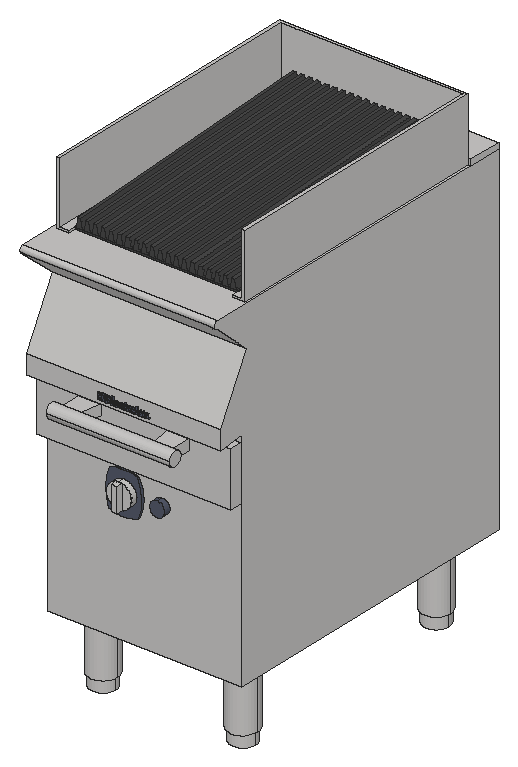
Revit family "QF_ELECTROLUXPROFESSIONAL_371437_E7JJATBAMCI", category Attrezzature speciali, Revit 2018
Family settings
  Quota connettore circolare = Usa diametro
  Tipo di parte = Normale
  Basato su piano di lavoro = No
  Sempre verticale = Sì
  Taglio con vuoti quando caricato = No
  Condiviso = No
  Punto di calcolo locali = No
Parameters (values of type "Standard")
  Weight = 40.00 kg
  Watts = 0 W
  Volts = 0 V
  URL Manufacturer = "https://www.electroluxprofessional.com/"
  URL = "https://www.electroluxprofessional.com/"
  Steam Supply Size = 0"
  Steam Supply Minimum Pressure = 0.00 psi
  Steam Supply Maximum Pressure = 0.00 psi
  Steam Consumption per Hour = 0
  Show Logo [instance] = yes
  Show Clearance [instance] = yes
  Refrigeration Suction Line Size = 0 mm
  Refrigeration Liquid Line Size = 0 mm
  Refrigerant Compressor Remote = yes
  Phase = 0
  Modello = "E7JJATBAMCI"
  Produttore = "Electrolux Professional"
  Length Actual = 400 mm  # constant formula
  Item Number = "371437"
  Hot Water Size = 0"
  Height Actual = 850 mm  # constant formula
  HP = "0 HP"
  Gas Size = 1/2"
  Gas KW = 8
  Gas Input Pressure = 0.269449 Btu/h
  Direct Waste Size = 0"
  Descrizione = "GAS GRILL ON BASE 400MM - QMARK"
  Depth Actual = 730 mm  # constant formula
  Cycle = 0 Hz
  Condensate Return Size = 0"
  Compressed Air Volume = 0 GPM
  Compressed Air Size = 0"
  Compressed Air Pressure = 0.00 psi
  Cold Water Size = 0"
  Base Height [instance] = 150 mm  # constant formula
  Assembly Code = ""
  Accessory = yes
Types (2, lengths in mm): name | URL | Modello | Produttore | Gas Size | Descrizione
  (no name) | "www.electrolux.com/foodservice" | "371046" | "ELECTROLUX" | 0" | "700XP Half Module Freestanding Gas Char-Grill"
  Standard | "https://www.electroluxprofessional.com/" | "E7JJATBAMCI" | "Electrolux Professional" | 1/2" | "GAS GRILL ON BASE 400MM - QMARK"
Values of the unnamed type that differ from the named types
  Weight = 0.00 kg
  URL Manufacturer = ""
  Item Number = ""
  HP = ""
  Gas KW = 0
  Gas Input Pressure = 0.0 Btu/h
Reference planes
  plane 1 "BACK": y = 0
  plane 2: z = 0
  plane 3 "LEFT": x = 0
  plane 4 "RIGHT": x = 400.05
  plane 5 "FRONT": y = -730.25
  plane 6 "TOP": z = 982
  plane 7 "Center Y": x = 200.025
  plane 8 "Center X": y = -365.125
  plane 9 "BASE": z = 601
  plane 10 "TOP A": z = 851
  plane 11: y = -587.387
  plane 12: y = -90
  plane 13: z = 150
  plane 14: y = -754.062
Forms (mm)
  Extrusion 1, solid, material "QF_Finishes_Stainless Steel"
    sketch origin (0, 0, 0) x (0, 1, 0) y (0, 0, 1)
      loop
        line (0, 851) -> (-722.928, 851)
        arc (-722.928, 851) -> (-729.69, 846.314) -> (-727.679, 838.336) r 7.223
        line (-727.679, 838.336) -> (-646.919, 767.809) -> (-713.772, 646.19) -> (-713.772, 608.09) -> (-660.4, 613.7) -> (-660.4, 150) -> (0, 150) -> (0, 851)
      loop
        line (-687.387, 601) -> (-687.387, 487.732) -> (-661.987, 487.732) -> (-661.987, 601) -> (-687.387, 601)
    from 0 to 400.05
  Extrusion 2, solid, material "QF_Finishes_Navy Blue", visible <- "Show Logo"
    sketch origin (-140, -713.772, 608.09) x (0, 0, 1) y (-1, 0, 0)
      loop
        line (20.674, -296.698) -> (8.307, -296.698)
        arc (8.307, -296.698) -> (14.491, -301.27) -> (20.674, -296.698) r 6.467
      loop
        arc (20.674, -296.069) -> (19.505, -290.926) -> (14.849, -288.448) r 6.338
        line (14.849, -288.448) -> (14.849, -290.494)
        arc (14.849, -290.494) -> (16.333, -294.149) -> (19.778, -296.069) r 5.941
        line (19.778, -296.069) -> (20.674, -296.069)
      loop
        arc (9.203, -296.069) -> (12.648, -294.149) -> (14.132, -290.494) r 5.941
        line (14.132, -290.494) -> (14.132, -288.448)
        arc (14.132, -288.448) -> (9.438, -290.922) -> (8.148, -296.069) r 6.504
        line (8.148, -296.069) -> (9.203, -296.069)
      loop
        line (21.349, -287.979) -> (7.604, -287.979) -> (7.604, -301.742) -> (21.349, -301.742) -> (21.349, -287.979)
      loop
        arc (21.432, -304.71) -> (21.085, -304.352) -> (20.718, -304.69) r 0.358
        arc (20.718, -304.69) -> (20.404, -305.44) -> (19.687, -305.825) r 1.216
        line (19.687, -305.825) -> (9.274, -305.825)
        arc (9.274, -305.825) -> (8.614, -305.548) -> (8.218, -304.951) r 1.238
        arc (8.218, -304.951) -> (7.823, -304.7) -> (7.518, -305.054) r 0.358
        line (7.518, -305.054) -> (7.518, -314.933) -> (10.269, -314.933) -> (10.269, -314.036)
        arc (10.269, -314.036) -> (9.36, -313.456) -> (8.904, -312.479) r 1.928
        line (8.904, -312.479) -> (8.904, -309.98)
        arc (8.904, -309.98) -> (9.18, -309.251) -> (9.868, -308.887) r 1.101
        line (9.868, -308.887) -> (13.955, -308.887) -> (13.955, -312.561)
        arc (13.955, -312.561) -> (13.602, -313.058) -> (13.037, -313.286) r 1.083
        arc (13.037, -313.286) -> (12.773, -313.591) -> (13.065, -313.869) r 0.292
        line (13.065, -313.869) -> (16.028, -313.869)
        arc (16.028, -313.869) -> (16.33, -313.596) -> (16.092, -313.266) r 0.305
        arc (16.092, -313.266) -> (15.601, -313.018) -> (15.296, -312.561) r 1.083
        line (15.296, -312.561) -> (15.296, -308.887) -> (19.973, -308.887) -> (19.973, -312.635)
        arc (19.973, -312.635) -> (19.759, -313.39) -> (19.153, -313.888) r 1.314
        arc (19.153, -313.888) -> (18.934, -314.292) -> (19.288, -314.585) r 0.361
        line (19.288, -314.585) -> (21.432, -314.585) -> (21.432, -304.71)
      loop
        arc (20.715, -315.365) -> (20.335, -316.284) -> (19.416, -316.664) r 1.299
        line (19.416, -316.664) -> (9.837, -316.664)
        arc (9.837, -316.664) -> (8.999, -316.286) -> (8.728, -315.408) r 1.118
        line (8.728, -315.408) -> (7.518, -315.408) -> (7.518, -320.758) -> (8.706, -320.758)
        arc (8.706, -320.758) -> (8.978, -319.841) -> (9.848, -319.445) r 1.153
        line (9.848, -319.445) -> (21.92, -319.445) -> (20.715, -315.365)
      loop
        line (12.483, -323.394) -> (12.483, -329.842) -> (13.282, -329.842)
        arc (13.282, -329.842) -> (15.862, -328.857) -> (17.131, -326.404) r 3.874
        line (17.131, -326.404) -> (17.131, -324.643)
        arc (17.131, -324.643) -> (15.944, -321.778) -> (13.08, -320.592) r 4.051
        line (13.08, -320.592) -> (11.072, -320.592)
        arc (11.072, -320.592) -> (8.253, -322.077) -> (7.202, -325.084) r 4.352
        arc (7.202, -325.084) -> (7.566, -327.547) -> (8.943, -329.621) r 5.713
        line (8.943, -329.621) -> (9.892, -329.621)
        arc (9.892, -329.621) -> (9.16, -328.052) -> (8.943, -326.334) r 5.579
        arc (8.943, -326.334) -> (9.737, -324.371) -> (11.616, -323.394) r 3.057
        line (11.616, -323.394) -> (12.483, -323.394)
      loop
        line (13.742, -323.394) -> (13.742, -326.977)
        arc (13.742, -326.977) -> (15.199, -327.024) -> (16.082, -325.864) r 1.59
        line (16.082, -325.864) -> (16.082, -325.034)
        arc (16.082, -325.034) -> (15.217, -323.779) -> (13.742, -323.394) r 2.184
      loop
        arc (16.533, -339.259) -> (17.022, -337.585) -> (17.179, -335.848) r 9.023
        line (17.179, -335.848) -> (17.179, -334.486)
        arc (17.179, -334.486) -> (16.02, -331.686) -> (13.22, -330.527) r 3.959
        line (13.22, -330.527) -> (10.62, -330.527)
        arc (10.62, -330.527) -> (8.338, -331.819) -> (7.221, -334.192) r 4.331
        line (7.221, -334.192) -> (7.221, -336.327)
        arc (7.221, -336.327) -> (7.729, -337.877) -> (8.651, -339.223) r 5.772
        arc (8.651, -339.223) -> (9.412, -339.274) -> (9.499, -338.515) r 0.553
        arc (9.499, -338.515) -> (9.111, -337.781) -> (8.977, -336.962) r 2.573
        line (8.977, -336.962) -> (8.977, -335.447)
        arc (8.977, -335.447) -> (9.983, -333.806) -> (11.798, -333.163) r 2.884
        line (11.798, -333.163) -> (13.077, -333.163)
        arc (13.077, -333.163) -> (14.898, -333.723) -> (15.824, -335.388) r 2.554
        line (15.824, -335.388) -> (15.824, -336.441)
        arc (15.824, -336.441) -> (15.493, -337.369) -> (14.836, -338.104) r 2.564
        arc (14.836, -338.104) -> (14.614, -338.821) -> (15.223, -339.259) r 0.643
        line (15.223, -339.259) -> (16.533, -339.259)
      loop
        line (15.515, -339.53) -> (15.515, -341.031) -> (9.467, -341.031)
        arc (9.467, -341.031) -> (7.879, -341.688) -> (7.221, -343.276) r 2.246
        line (7.221, -343.276) -> (7.221, -344.86)
        arc (7.221, -344.86) -> (7.535, -345.725) -> (8.035, -346.496) r 4.06
        arc (8.035, -346.496) -> (8.768, -346.629) -> (9.019, -345.928) r 0.576
        arc (9.019, -345.928) -> (8.913, -345.403) -> (8.977, -344.87) r 1.69
        arc (8.977, -344.87) -> (9.519, -344.082) -> (10.425, -343.779) r 1.506
        line (10.425, -343.779) -> (15.563, -343.779) -> (15.563, -346.176) -> (16.119, -346.733) -> (16.941, -346.733) -> (16.941, -343.873) -> (20.172, -343.873) -> (15.515, -339.53)
      loop
        line (7.438, -347.63) -> (7.438, -353.017) -> (8.548, -353.017)
        arc (8.548, -353.017) -> (8.942, -352.066) -> (9.893, -351.672) r 1.345
        line (9.893, -351.672) -> (13.509, -351.672)
        arc (13.509, -351.672) -> (14.274, -352.264) -> (14.564, -353.186) r 1.615
        line (14.564, -353.186) -> (14.564, -354.742) -> (17.119, -355.427) -> (17.119, -354.044) -> (15.177, -351.485) -> (17.057, -351.485) -> (16.773, -348.779)
        arc (16.773, -348.779) -> (16.333, -348.249) -> (15.674, -348.45) r 0.621
        arc (15.674, -348.45) -> (15.274, -348.792) -> (14.78, -348.975) r 1.501
        line (14.78, -348.975) -> (9.893, -348.975)
        arc (9.893, -348.975) -> (8.942, -348.581) -> (8.548, -347.63) r 1.345
        line (8.548, -347.63) -> (7.438, -347.63)
      loop
        line (13.54, -354.964) -> (10.848, -354.964)
        arc (10.848, -354.964) -> (8.403, -356.272) -> (7.269, -358.803) r 4.288
        arc (7.269, -358.803) -> (7.205, -360.183) -> (7.269, -361.563) r 15.022
        arc (7.269, -361.563) -> (8.403, -364.094) -> (10.848, -365.401) r 4.288
        line (10.848, -365.401) -> (13.54, -365.401)
        arc (13.54, -365.401) -> (15.986, -364.094) -> (17.119, -361.563) r 4.288
        arc (17.119, -361.563) -> (17.183, -360.183) -> (17.119, -358.803) r 15.022
        arc (17.119, -358.803) -> (15.986, -356.272) -> (13.54, -354.964) r 4.288
      loop
        line (13.745, -358.078) -> (10.643, -358.078)
        arc (10.643, -358.078) -> (8.486, -360.235) -> (10.643, -362.392) r 2.157
        line (10.643, -362.392) -> (13.745, -362.392)
        arc (13.745, -362.392) -> (15.902, -360.235) -> (13.745, -358.078) r 2.157
      loop
        arc (20.726, -365.26) -> (20.355, -366.154) -> (19.461, -366.524) r 1.264
        line (19.461, -366.524) -> (9.597, -366.524)
        arc (9.597, -366.524) -> (8.727, -366.127) -> (8.455, -365.211) r 1.153
        line (8.455, -365.211) -> (7.518, -365.211) -> (7.518, -370.319) -> (8.446, -370.319)
        arc (8.446, -370.319) -> (8.805, -369.547) -> (9.597, -369.232) r 1.153
        line (9.597, -369.232) -> (21.92, -369.232) -> (20.726, -365.26)
      loop
        arc (15.846, -369.857) -> (15.647, -370.921) -> (14.678, -371.403) r 1.215
        line (14.678, -371.403) -> (9.658, -371.403)
        arc (9.658, -371.403) -> (8.043, -372.051) -> (7.322, -373.634) r 2.338
        line (7.322, -373.634) -> (7.322, -375.148)
        arc (7.322, -375.148) -> (7.497, -376.152) -> (7.999, -377.038) r 2.979
        line (7.999, -377.038) -> (7.518, -378.835) -> (7.518, -380.524) -> (16.943, -380.524) -> (16.649, -376.32) -> (15.863, -376.32)
        arc (15.863, -376.32) -> (15.507, -377.156) -> (14.755, -377.665) r 1.605
        line (14.755, -377.665) -> (9.652, -377.665)
        arc (9.652, -377.665) -> (9.232, -376.728) -> (9.159, -375.704) r 2.94
        arc (9.159, -375.704) -> (9.72, -374.603) -> (10.873, -374.16) r 1.724
        line (10.873, -374.16) -> (17.07, -374.16) -> (15.846, -369.857)
      loop
        line (16.874, -381.377) -> (15.202, -383.423) -> (12.028, -385.729) -> (8.572, -382.617)
        arc (8.572, -382.617) -> (8.335, -382.223) -> (8.357, -381.764) r 0.789
        line (8.357, -381.764) -> (7.518, -381.764) -> (7.518, -385.309) -> (8.344, -385.309)
        arc (8.344, -385.309) -> (8.686, -384.947) -> (9.176, -385.039) r 0.52
        line (9.176, -385.039) -> (10.976, -386.51) -> (8.858, -387.886)
        arc (8.858, -387.886) -> (8.457, -387.576) -> (8.37, -387.076) r 0.7
        line (8.37, -387.076) -> (7.518, -387.076) -> (7.518, -393.003) -> (8.405, -393.003)
        arc (8.405, -393.003) -> (8.472, -392.344) -> (8.866, -391.813) r 1.247
        line (8.866, -391.813) -> (13.066, -388.532) -> (15.513, -390.585) -> (16.874, -392.327) -> (16.874, -388.604) -> (15.389, -389.026) -> (13.868, -387.749) -> (15.568, -386.559) -> (16.874, -387.336) -> (16.874, -381.377)
    from 0 to 1.644
  Extrusion 3, solid, material "QF_Finishes_Clearance", visible <- "Show Clearance", detail levels coarse
    sketch origin (0, 0, 0) x (1, 0, 0) y (0, 1, 0)
      loop
        line (0, -730.25) -> (0, 0) -> (400.05, 0) -> (400.05, -730.25) -> (550.069, -730.25) -> (550.069, 150.019) -> (-150.019, 150.019) -> (-150.019, -730.25) -> (0, -730.25)
    from 0 to 982
  Revolve 4, solid, material "QF_Finishes_Stainless Steel"
    sketch origin (0, -587.387, 608.09) x (0, 0, 1) y (-1, 0, 0)
      loop
        line (-608.09, -56) -> (-458.09, -56) -> (-458.09, -26) -> (-583.09, -26) -> (-583.09, -29.75) -> (-608.09, -29.75) -> (-608.09, -56)
      axis (-608.09, -56) -> (-458.09, -56)
    angle from 0 to 360
  Revolve 5, solid, material "QF_Finishes_Stainless Steel"
    sketch origin (400.05, -587.387, 608.09) x (0, 0, 1) y (-1, 0, 0)
      loop
        line (-608.09, 56) -> (-608.09, 29.75) -> (-583.09, 29.75) -> (-583.09, 26) -> (-458.09, 26) -> (-458.09, 56) -> (-608.09, 56)
      axis (-608.09, 56) -> (-458.09, 56)
    angle from 0 to 360
  Revolve 6, solid, material "QF_Finishes_Stainless Steel"
    sketch origin (0, -90, 608.09) x (0, 0, 1) y (-1, 0, 0)
      loop
        line (-608.09, -56) -> (-458.09, -56) -> (-458.09, -26) -> (-583.09, -26) -> (-583.09, -29.75) -> (-608.09, -29.75) -> (-608.09, -56)
      axis (-608.09, -56) -> (-458.09, -56)
    angle from 0 to 360
  Revolve 7, solid, material "QF_Finishes_Stainless Steel"
    sketch origin (400.05, -90, 608.09) x (0, 0, 1) y (-1, 0, 0)
      loop
        line (-608.09, 56) -> (-608.09, 29.75) -> (-583.09, 29.75) -> (-583.09, 26) -> (-458.09, 26) -> (-458.09, 56) -> (-608.09, 56)
      axis (-608.09, 56) -> (-458.09, 56)
    angle from 0 to 360
  Extrusion 8, solid, material "QF_Finishes_Stainless Steel"
    sketch origin (-77.88, -4572, 150) x (-1, 0, 0) y (0, -1, 0)
      loop
        circle (-435.067, -4105.275) r 6.35
    from 3.2 to 0
  Extrusion 9, solid, material "QF_Finishes_Navy Blue"
    sketch origin (-0.598, -660.4, 355.674) x (0, 0, 1) y (-1, 0, 0)
      loop
        arc (105.947, -132.667) -> (68.865, -123.686) -> (31.333, -130.548) r 91.844
        arc (31.333, -130.548) -> (24.206, -161.19) -> (31.333, -191.833) r 69.441
        arc (31.333, -191.833) -> (68.854, -198.544) -> (105.947, -189.765) r 93.759
        arc (105.947, -189.765) -> (112.176, -161.216) -> (105.947, -132.667) r 68.543
    from 0 to 3.175
  Extrusion 10, solid, material "QF_Finishes_Stainless Steel"
    sketch origin (-0.598, -663.575, 355.674) x (0, 0, 1) y (-1, 0, 0)
      loop
        circle (68.826, -160.963) r 25.4
    from 0 to 12.7
  Extrusion 11, solid, material "QF_Finishes_Stainless Steel"
    sketch origin (-0.598, -676.275, 355.674) x (0, 0, 1) y (-1, 0, 0)
      loop
        arc (93.558, -166.749) -> (94.226, -160.963) -> (93.558, -155.177) r 25.4
        line (93.558, -155.177) -> (44.094, -155.177)
        arc (44.094, -155.177) -> (43.426, -160.963) -> (44.094, -166.749) r 25.4
        line (44.094, -166.749) -> (93.558, -166.749)
    from 0 to 12.7
  Extrusion 12, solid, material "QF_Finishes_Stainless Steel"
    sketch origin (-77.88, -4572, 150) x (-1, 0, 0) y (0, -1, 0)
      loop
        circle (-412.93, -4071) r 6.35
    from 50 to 48.4
  Extrusion 13, solid, material "QF_Finishes_Stainless Steel"
    sketch origin (200.025, 0, -2.5) x (0, 1, 0) y (0, 0, 1)
      loop
        circle (-740.063, 582.209) r 14
    from -127 to 127
  Extrusion 14, solid, material "QF_Finishes_Stainless Steel"
    sketch origin (-23.75, 0, 567.009) x (-1, 0, 0) y (0, -1, 0)
      loop
        line (-110.525, 741.563) -> (-144.518, 741.563) -> (-154.518, 687.387) -> (-110.525, 687.387) -> (-110.525, 741.563)
      loop
        line (-337.025, 741.563) -> (-337.025, 687.387) -> (-293.032, 687.387) -> (-303.032, 741.563) -> (-337.025, 741.563)
    from 0 to 21.491
  Extrusion 15, solid, material "QF_Finishes_Navy Blue"
    sketch origin (69.144, -660.4, 355.674) x (0, 0, 1) y (-1, 0, 0)
      loop
        circle (69.533, -167.488) r 15.24
    from 0 to 12.7
  Sweep 16, solid, material "QF_Finishes_Stainless Steel"
    path origin (0, 0, 851) x (0, -1, 0) y (1, 0, 0)
      loop
        line (644.885, 387.35) -> (76.2, 387.35) -> (76.2, 12.7) -> (644.885, 12.7)
    profile origin (12.7, -360.542, 851) x (1, 0, 0) y (0, 0, 1)
      loop
        line (-6.35, 0) -> (19.05, 0) -> (19.05, 3.2) -> (0, 3.2) -> (0, 131) -> (-6.35, 131) -> (-6.35, 0)
  Extrusion 17, solid, material "QF_Finishes_Black"
    sketch origin (200.025, 0, 0) x (0, 1, 0) y (0, 0, 1)
      loop
        line (-629.41, 851) -> (-76.2, 851) -> (-76.2, 883.24) -> (-629.41, 854.99) -> (-629.41, 851)
    from -168.275 to 168.275
  Extrusion 18, solid, material "QF_Finishes_Stainless Steel"
    sketch origin (0, 0, 851) x (0, -1, 0) y (1, 0, 0)
      loop
        line (69.85, 0) -> (69.85, 400.05) -> (0, 400.05) -> (0, 0) -> (69.85, 0)
    from 0 to 12.5
  Extrusion 19, solid, material "QF_Finishes_Drawer Clearance", visible <- "Show Clearance", detail levels coarse
    sketch origin (0, -687.387, 601) x (0, 0, -1) y (1, 0, 0)
      loop
        line (113.268, 400.05) -> (0, 400.05) -> (0, 0) -> (113.268, 0) -> (113.268, 400.05)
    from 0 to 676.275
Cuts and joins
  joined: Extrusion 13, Extrusion 14
Lines and regions (mm)
  symbolic lines, style "QF-Clearances", visible <- "Show Clearance", detail levels coarse
    curve 1: line (-150.019, 150.019, 851) -> (-150.019, -731.627, 851)
    curve 2: line (550.069, 150.019, 851) -> (-150.019, 150.019, 851)
    curve 3: line (550.069, -731.627, 851) -> (550.069, 150.019, 851)
  symbolic lines
    curve 4: line (0, 0, 851) -> (400.05, 0, 851)
    curve 5: line (0, -730.25, 851) -> (0, 0, 851)
    curve 6: line (400.05, 0, 851) -> (400.05, -730.25, 851)
    curve 7: line (0, -69.85, 851) -> (0, -63.012, 851)
    curve 8: line (400.05, -730.25, 851) -> (0, -730.25, 851)
    curve 9: line (0, -69.85, 851) -> (400.05, -69.85, 851)
    curve 20: line (31.75, -644.885, 851) -> (31.75, -76.2, 851)
    curve 21: line (368.3, -76.2, 851) -> (368.3, -644.885, 851)
    curve 22: line (73.025, -754.063, 851) -> (327.025, -754.063, 851)
    curve 23: line (73.025, -730.25, 851) -> (73.025, -754.063, 851)
    curve 24: line (327.025, -754.063, 851) -> (327.025, -730.25, 851)
    curve 25: line (31.75, -629.41, 851) -> (368.3, -629.41, 851)
  symbolic lines, style "QF_Drawer Clearance"
    curve 10: line (0, -730.25, 851) -> (0, -1363.662, 851)
    curve 11: line (0, -1363.662, 851) -> (400.05, -1363.663, 851)
    curve 12: line (400.05, -1363.663, 851) -> (400.05, -730.25, 851)
  symbolic lines, style "SpecialityEquipment"
    curve 13: line (6.35, -69.85, 851) -> (6.35, -644.885, 851)
    curve 14: line (6.35, -644.885, 851) -> (31.75, -644.885, 851)
    curve 15: line (12.7, -644.885, 851) -> (12.7, -76.2, 851)
    curve 16: line (12.7, -76.2, 851) -> (387.35, -76.2, 851)
    curve 17: line (387.35, -76.2, 851) -> (387.35, -644.885, 851)
    curve 18: line (368.3, -644.885, 851) -> (393.7, -644.885, 851)
    curve 19: line (393.7, -644.885, 851) -> (393.7, -69.85, 851)
Dimensions and locks
  equal spacing: plane 3 "LEFT", plane 7 "Center Y", plane 4 "RIGHT"
  plane 3 "LEFT" to plane 4 "RIGHT" = 400.05 mm
  equal spacing: plane 5 "FRONT", plane 8 "Center X", plane 1 "BACK"
  plane 5 "FRONT" to plane 1 "BACK" = 730.25 mm
  plane 1 "BACK" to plane 5 "FRONT" = 730.25 mm
  locked: plane 10 "TOP A" to plane 9 "BASE" at 250
  "Base Height": plane 13 to level
  Extrusion 8 sketch curve to plane 1 "BACK" = 466.725 mm
  Extrusion 8 sketch curve to plane 4 "RIGHT" = 42.863 mm
  plane 6 "TOP" to level = 982 mm
  plane 1 "BACK" to plane 14 = 754.063 mm
  equal spacing: group 1, group 3, group 4, group 5, group 6, group 7, group 8, group 9, group 10, group 11, group 12, group 13, group 14, group 15, group 16, group 17, group 18, group 19, group 20, group 2  (x3)
  aligned and locked: level to plane 2
  aligned and locked: plane 4 "RIGHT" to Extrusion 1
  aligned and locked: plane 6 "TOP" to Extrusion 3
Automatic sketch dimensions
  Extrusion 1 sketch curve to plane 10 "TOP A" = 0 mm
  Extrusion 1 sketch curve to plane 9 "BASE" = 0 mm
  Extrusion 1 sketch curve to plane 13 = 0 mm
  Extrusion 1 sketch curve to plane 1 "BACK" = 0 mm
  plane 11 to Extrusion 1 sketch curve = 59.531 mm
  plane 9 "BASE" to Extrusion 1 sketch curve = 12.7 mm
  Extrusion 1 sketch curve to plane 5 "FRONT" = 69.85 mm
  Extrusion 1 sketch curve to Extrusion 1 sketch curve = 1.588 mm
  Extrusion 1 sketch curve to Extrusion 1 sketch curve = 25.4 mm
  plane 9 "BASE" to Extrusion 1 sketch curve = 7.09 mm
  Extrusion 1 sketch curve to plane 5 "FRONT" = 16.478 mm
  Extrusion 1 sketch curve to plane 5 "FRONT" = 7.322 mm
  Extrusion 1 sketch curve to plane 5 "FRONT" = 2.571 mm
  Extrusion 1 sketch curve to Extrusion 1 sketch curve = 113.268 mm
  Extrusion 1 sketch curve to Extrusion 1 sketch curve = 38.1 mm
  Extrusion 1 sketch curve to plane 10 "TOP A" = 83.191 mm
  Extrusion 1 sketch curve to plane 10 "TOP A" = 12.664 mm
  Extrusion 2 sketch curve to Extrusion 1 = 2.161 mm
  Extrusion 2 sketch curve to Extrusion 1 = 7.202 mm
  Extrusion 2 sketch curve to Extrusion 1 = 7.221 mm  (x2)
  Extrusion 2 sketch curve to Extrusion 2 sketch curve = 5.108 mm  (x2)
  Extrusion 2 sketch curve to Extrusion 2 sketch curve = 0 mm  (x27)
  Extrusion 2 sketch curve to Extrusion 1 = 7.322 mm
  Extrusion 2 sketch curve to Extrusion 2 sketch curve = 0.218 mm
  Extrusion 2 sketch curve to Extrusion 2 sketch curve = 0.195 mm
  Extrusion 2 sketch curve to Extrusion 2 sketch curve = 0.249 mm
  Extrusion 2 sketch curve to Extrusion 1 = 7.518 mm
  Extrusion 2 sketch curve to Extrusion 2 sketch curve = 0.087 mm
  Extrusion 2 sketch curve to Extrusion 2 sketch curve = 0.358 mm
  Extrusion 2 sketch curve to Extrusion 2 sketch curve = 0.481 mm
  Extrusion 2 sketch curve to Extrusion 2 sketch curve = 0.597 mm
  Extrusion 2 sketch curve to Extrusion 2 sketch curve = 0.544 mm
  Extrusion 2 sketch curve to Extrusion 2 sketch curve = 0.936 mm
  Extrusion 2 sketch curve to Extrusion 2 sketch curve = 0.594 mm
  Extrusion 2 sketch curve to Extrusion 2 sketch curve = 0.343 mm
  Extrusion 2 sketch curve to Extrusion 2 sketch curve = 0.159 mm
  Extrusion 2 sketch curve to Extrusion 2 sketch curve = 0.826 mm
  Extrusion 2 sketch curve to Extrusion 2 sketch curve = 0.839 mm
  Extrusion 2 sketch curve to Extrusion 2 sketch curve = 0.852 mm
  Extrusion 2 sketch curve to Extrusion 2 sketch curve = 0.887 mm
  Extrusion 2 sketch curve to Extrusion 2 sketch curve = 0.928 mm
  Extrusion 2 sketch curve to Extrusion 2 sketch curve = 0.938 mm
  Extrusion 2 sketch curve to Extrusion 2 sketch curve = 0.444 mm
  Extrusion 2 sketch curve to Extrusion 2 sketch curve = 1.11 mm  (x3)
  Extrusion 2 sketch curve to Extrusion 2 sketch curve = 0.215 mm
  Extrusion 2 sketch curve to Extrusion 2 sketch curve = 1.43 mm
  Extrusion 2 sketch curve to Extrusion 2 sketch curve = 1.188 mm
  Extrusion 2 sketch curve to Extrusion 2 sketch curve = 1.21 mm  (x2)
  Extrusion 2 sketch curve to Extrusion 2 sketch curve = 0.503 mm
  Extrusion 2 sketch curve to Extrusion 2 sketch curve = 0.488 mm
  Extrusion 2 sketch curve to Extrusion 2 sketch curve = 0.462 mm
  Extrusion 2 sketch curve to Extrusion 2 sketch curve = 1.386 mm
  Extrusion 2 sketch curve to Extrusion 2 sketch curve = 1.742 mm  (x2)
  Extrusion 2 sketch curve to Extrusion 2 sketch curve = 0.821 mm
  Extrusion 2 sketch curve to Extrusion 2 sketch curve = 0.497 mm
  Extrusion 2 sketch curve to Extrusion 2 sketch curve = 0.539 mm
  Extrusion 2 sketch curve to Extrusion 2 sketch curve = 0.686 mm
  Extrusion 2 sketch curve to Extrusion 2 sketch curve = 0.408 mm
  Extrusion 2 sketch curve to Extrusion 2 sketch curve = 0.743 mm
  Extrusion 2 sketch curve to Extrusion 2 sketch curve = 1.16 mm
  Extrusion 2 sketch curve to Extrusion 2 sketch curve = 0.329 mm
  Extrusion 2 sketch curve to Extrusion 2 sketch curve = 1.054 mm
  Extrusion 2 sketch curve to Extrusion 2 sketch curve = 1.056 mm
  Extrusion 2 sketch curve to Extrusion 2 sketch curve = 0.129 mm
  Extrusion 2 sketch curve to Extrusion 2 sketch curve = 0.489 mm
  Extrusion 2 sketch curve to Extrusion 2 sketch curve = 0.441 mm
  Extrusion 2 sketch curve to Extrusion 2 sketch curve = 1.151 mm
  Extrusion 2 sketch curve to Extrusion 2 sketch curve = 1.141 mm  (x2)
  Extrusion 2 sketch curve to Extrusion 2 sketch curve = 0.768 mm
  Extrusion 2 sketch curve to Extrusion 2 sketch curve = 1.653 mm
  Extrusion 2 sketch curve to Extrusion 2 sketch curve = 0.499 mm
  Extrusion 2 sketch curve to Extrusion 2 sketch curve = 0.964 mm
  Extrusion 2 sketch curve to Extrusion 2 sketch curve = 0.949 mm
  Extrusion 2 sketch curve to Extrusion 2 sketch curve = 1.345 mm  (x3)
  Extrusion 2 sketch curve to Extrusion 2 sketch curve = 0.137 mm  (x2)
  Extrusion 2 sketch curve to Extrusion 2 sketch curve = 0.432 mm
  Extrusion 2 sketch curve to Extrusion 2 sketch curve = 1.142 mm
  Extrusion 2 sketch curve to Extrusion 2 sketch curve = 0.959 mm
  Extrusion 2 sketch curve to Extrusion 2 sketch curve = 0.176 mm
  Extrusion 2 sketch curve to Extrusion 2 sketch curve = 0.728 mm
  Extrusion 2 sketch curve to Extrusion 2 sketch curve = 3.375 mm  (x2)
  Extrusion 2 sketch curve to Extrusion 2 sketch curve = 1.905 mm
  Extrusion 2 sketch curve to Extrusion 2 sketch curve = 0.955 mm
  Extrusion 2 sketch curve to Extrusion 2 sketch curve = 1.251 mm
  Extrusion 2 sketch curve to Extrusion 2 sketch curve = 0.572 mm
  Extrusion 2 sketch curve to Extrusion 2 sketch curve = 1.92 mm
  Extrusion 2 sketch curve to Extrusion 2 sketch curve = 1.224 mm
  Extrusion 2 sketch curve to Extrusion 2 sketch curve = 0.745 mm
  Extrusion 2 sketch curve to Extrusion 2 sketch curve = 2.537 mm
  Extrusion 2 sketch curve to Extrusion 2 sketch curve = 0.896 mm  (x3)
  Extrusion 2 sketch curve to Extrusion 2 sketch curve = 0.036 mm
  Extrusion 2 sketch curve to Extrusion 2 sketch curve = 2.607 mm
  Extrusion 2 sketch curve to Extrusion 2 sketch curve = 0.066 mm
  Extrusion 2 sketch curve to Extrusion 2 sketch curve = 0.248 mm
  Extrusion 2 sketch curve to Extrusion 2 sketch curve = 0.449 mm
  Extrusion 2 sketch curve to Extrusion 2 sketch curve = 1.052 mm
  Extrusion 2 sketch curve to Extrusion 2 sketch curve = 1.863 mm
  Extrusion 2 sketch curve to Extrusion 2 sketch curve = 1.31 mm  (x2)
  Extrusion 2 sketch curve to Extrusion 2 sketch curve = 0.901 mm
  Extrusion 2 sketch curve to Extrusion 2 sketch curve = 1.107 mm
  Extrusion 2 sketch curve to Extrusion 2 sketch curve = 2.122 mm
  Extrusion 2 sketch curve to Extrusion 2 sketch curve = 2.101 mm
  Extrusion 2 sketch curve to Extrusion 2 sketch curve = 0.106 mm
  Extrusion 2 sketch curve to Extrusion 2 sketch curve = 0.029 mm
  Extrusion 2 sketch curve to Extrusion 2 sketch curve = 2.09 mm
  Extrusion 2 sketch curve to Extrusion 2 sketch curve = 1.279 mm
  Extrusion 2 sketch curve to Extrusion 2 sketch curve = 2.008 mm
  Extrusion 2 sketch curve to Extrusion 2 sketch curve = 0.738 mm
  Extrusion 2 sketch curve to Extrusion 2 sketch curve = 0.382 mm
  Extrusion 2 sketch curve to Extrusion 2 sketch curve = 0.384 mm
  Extrusion 2 sketch curve to Extrusion 2 sketch curve = 0.002 mm
  Extrusion 2 sketch curve to Extrusion 2 sketch curve = 0.561 mm
  Extrusion 2 sketch curve to Extrusion 2 sketch curve = 0.592 mm
  Extrusion 2 sketch curve to Extrusion 2 sketch curve = 2.692 mm
  Extrusion 2 sketch curve to Extrusion 2 sketch curve = 1.259 mm
  Extrusion 2 sketch curve to Extrusion 2 sketch curve = 0.802 mm
  Extrusion 2 sketch curve to Extrusion 2 sketch curve = 1.024 mm
  Extrusion 2 sketch curve to Extrusion 2 sketch curve = 0.682 mm
  Extrusion 2 sketch curve to Extrusion 2 sketch curve = 5.934 mm
  Extrusion 2 sketch curve to Extrusion 2 sketch curve = 2.186 mm
  Extrusion 2 sketch curve to Extrusion 2 sketch curve = 0.337 mm
  Extrusion 2 sketch curve to Extrusion 2 sketch curve = 0.021 mm
  Extrusion 2 sketch curve to Extrusion 2 sketch curve = 1.005 mm
  Extrusion 2 sketch curve to Extrusion 2 sketch curve = 0.552 mm
  Extrusion 2 sketch curve to Extrusion 2 sketch curve = 0.778 mm
  Extrusion 2 sketch curve to Extrusion 2 sketch curve = 0.063 mm
  Extrusion 2 sketch curve to Extrusion 2 sketch curve = 1.023 mm
  Extrusion 2 sketch curve to Extrusion 2 sketch curve = 3.804 mm
  Extrusion 2 sketch curve to Extrusion 2 sketch curve = 0.486 mm
  Extrusion 2 sketch curve to Extrusion 2 sketch curve = 0.266 mm
  Extrusion 2 sketch curve to Extrusion 2 sketch curve = 1.547 mm
  Extrusion 2 sketch curve to Extrusion 2 sketch curve = 0.717 mm  (x2)
  Extrusion 2 sketch curve to Extrusion 2 sketch curve = 1.667 mm
  Extrusion 2 sketch curve to Extrusion 2 sketch curve = 3.174 mm
  Extrusion 2 sketch curve to Extrusion 2 sketch curve = 0.388 mm
  Extrusion 2 sketch curve to Extrusion 2 sketch curve = 1.342 mm
  Extrusion 2 sketch curve to Extrusion 2 sketch curve = 1.521 mm
  Extrusion 2 sketch curve to Extrusion 2 sketch curve = 0.124 mm
  Extrusion 2 sketch curve to Extrusion 2 sketch curve = 0.291 mm
  Extrusion 2 sketch curve to Extrusion 2 sketch curve = 1.049 mm  (x2)
  Extrusion 2 sketch curve to Extrusion 2 sketch curve = 1.7 mm
  Extrusion 2 sketch curve to Extrusion 2 sketch curve = 0.894 mm
  Extrusion 2 sketch curve to Extrusion 2 sketch curve = 0.989 mm
  Extrusion 2 sketch curve to Extrusion 2 sketch curve = 1.168 mm
  Extrusion 2 sketch curve to Extrusion 2 sketch curve = 1.594 mm
  Extrusion 2 sketch curve to Extrusion 2 sketch curve = 0.731 mm
  Extrusion 2 sketch curve to Extrusion 2 sketch curve = 1.566 mm
  Extrusion 2 sketch curve to Extrusion 2 sketch curve = 0.064 mm
  Extrusion 2 sketch curve to Extrusion 2 sketch curve = 0.556 mm  (x2)
  Extrusion 2 sketch curve to Extrusion 2 sketch curve = 0.48 mm
  Extrusion 2 sketch curve to Extrusion 2 sketch curve = 0.228 mm
  Extrusion 2 sketch curve to Extrusion 2 sketch curve = 1.018 mm
  Extrusion 2 sketch curve to Extrusion 2 sketch curve = 0.787 mm
  Extrusion 2 sketch curve to Extrusion 2 sketch curve = 0.618 mm
  Extrusion 2 sketch curve to Extrusion 2 sketch curve = 1.672 mm
  Extrusion 2 sketch curve to Extrusion 2 sketch curve = 1.361 mm
  Extrusion 2 sketch curve to Extrusion 2 sketch curve = 0.822 mm
  Extrusion 2 sketch curve to Extrusion 2 sketch curve = 0.069 mm
  Extrusion 2 sketch curve to Extrusion 2 sketch curve = 1.88 mm
  Extrusion 2 sketch curve to Extrusion 2 sketch curve = 0.42 mm
  Extrusion 2 sketch curve to Extrusion 2 sketch curve = 0.062 mm
  Extrusion 2 sketch curve to Extrusion 2 sketch curve = 1.355 mm
  Extrusion 2 sketch curve to Extrusion 2 sketch curve = 2.34 mm
  Extrusion 2 sketch curve to Extrusion 2 sketch curve = 0.493 mm
  Extrusion 2 sketch curve to Extrusion 2 sketch curve = 0.136 mm
  Extrusion 2 sketch curve to Extrusion 2 sketch curve = 0.128 mm
  Extrusion 2 sketch curve to Extrusion 2 sketch curve = 3.616 mm
  Extrusion 2 sketch curve to Extrusion 2 sketch curve = 4.207 mm
  Extrusion 2 sketch curve to Extrusion 2 sketch curve = 0.183 mm
  Extrusion 2 sketch curve to Extrusion 2 sketch curve = 0.895 mm
  Extrusion 2 sketch curve to Extrusion 2 sketch curve = 1.314 mm
  Extrusion 2 sketch curve to Extrusion 2 sketch curve = 3.231 mm
  Extrusion 2 sketch curve to Extrusion 2 sketch curve = 1.299 mm
  Extrusion 2 sketch curve to Extrusion 2 sketch curve = 1.214 mm
  Extrusion 2 sketch curve to Extrusion 2 sketch curve = 1.264 mm
  Extrusion 2 sketch curve to Extrusion 2 sketch curve = 0.109 mm
  Extrusion 2 sketch curve to Extrusion 2 sketch curve = 0.357 mm
  Extrusion 2 sketch curve to Extrusion 2 sketch curve = 0.565 mm
  Extrusion 2 sketch curve to Extrusion 2 sketch curve = 2.504 mm
  Extrusion 2 sketch curve to Extrusion 2 sketch curve = 2.459 mm
  Extrusion 1 to Extrusion 2 sketch curve = 147.047 mm
  Extrusion 2 sketch curve to Extrusion 2 sketch curve = 0.208 mm
  Extrusion 2 sketch curve to Extrusion 2 sketch curve = 0.468 mm  (x2)
  Extrusion 2 sketch curve to Extrusion 2 sketch curve = 1.559 mm
  Extrusion 2 sketch curve to Extrusion 2 sketch curve = 0.422 mm  (x2)
  Extrusion 2 sketch curve to Extrusion 2 sketch curve = 0.494 mm
  Extrusion 2 sketch curve to Extrusion 2 sketch curve = 3.927 mm
  Extrusion 2 sketch curve to Extrusion 2 sketch curve = 0.782 mm
  Extrusion 2 sketch curve to Extrusion 2 sketch curve = 1.268 mm
  Extrusion 2 sketch curve to Extrusion 2 sketch curve = 0.671 mm
  Extrusion 2 sketch curve to Extrusion 2 sketch curve = 0.777 mm
  Extrusion 2 sketch curve to Extrusion 2 sketch curve = 0.704 mm
  Extrusion 2 sketch curve to Extrusion 2 sketch curve = 0.781 mm  (x2)
  Extrusion 2 sketch curve to Extrusion 2 sketch curve = 1.634 mm
  Extrusion 2 sketch curve to Extrusion 2 sketch curve = 0.132 mm
  Extrusion 2 sketch curve to Extrusion 2 sketch curve = 3.136 mm
  Extrusion 2 sketch curve to Extrusion 2 sketch curve = 2.422 mm
  Extrusion 2 sketch curve to Extrusion 2 sketch curve = 0.586 mm
  Extrusion 2 sketch curve to Extrusion 2 sketch curve = 2.046 mm  (x2)
  Extrusion 2 sketch curve to Extrusion 2 sketch curve = 1.241 mm
  Extrusion 2 sketch curve to Extrusion 2 sketch curve = 1.689 mm
  Extrusion 2 sketch curve to Extrusion 2 sketch curve = 2.859 mm
  Extrusion 2 sketch curve to Extrusion 2 sketch curve = 0.627 mm
  Extrusion 2 sketch curve to Extrusion 2 sketch curve = 0.863 mm
  Extrusion 2 sketch curve to Extrusion 2 sketch curve = 0.419 mm
  Extrusion 2 sketch curve to Extrusion 2 sketch curve = 1.514 mm
  Extrusion 2 sketch curve to Extrusion 2 sketch curve = 1.019 mm
  Extrusion 2 sketch curve to Extrusion 2 sketch curve = 0.065 mm
  Extrusion 2 sketch curve to Extrusion 2 sketch curve = 1.215 mm
  Extrusion 2 sketch curve to Extrusion 2 sketch curve = 2.708 mm
  Extrusion 2 sketch curve to Extrusion 2 sketch curve = 1.122 mm
  Extrusion 2 sketch curve to Extrusion 2 sketch curve = 1.153 mm
  Extrusion 2 sketch curve to Extrusion 2 sketch curve = 3.009 mm
  Extrusion 2 sketch curve to Extrusion 2 sketch curve = 0.829 mm  (x2)
  Extrusion 2 sketch curve to Extrusion 2 sketch curve = 0.934 mm
  Extrusion 2 sketch curve to Extrusion 2 sketch curve = 3.376 mm
  Extrusion 2 sketch curve to Extrusion 2 sketch curve = 0.222 mm
  Extrusion 2 sketch curve to Extrusion 2 sketch curve = 1.383 mm
  Extrusion 2 sketch curve to Extrusion 2 sketch curve = 1.556 mm
  Extrusion 2 sketch curve to Extrusion 2 sketch curve = 2.559 mm
  Extrusion 2 sketch curve to Extrusion 2 sketch curve = 2.51 mm
  Extrusion 2 sketch curve to Extrusion 2 sketch curve = 0.131 mm
  Extrusion 2 sketch curve to Extrusion 2 sketch curve = 1.717 mm
  Extrusion 2 sketch curve to Extrusion 2 sketch curve = 1.134 mm
  Extrusion 2 sketch curve to Extrusion 2 sketch curve = 0.366 mm
  Extrusion 2 sketch curve to Extrusion 2 sketch curve = 0.094 mm
  Extrusion 2 sketch curve to Extrusion 2 sketch curve = 1.584 mm
  Extrusion 2 sketch curve to Extrusion 2 sketch curve = 1.501 mm
  Extrusion 2 sketch curve to Extrusion 2 sketch curve = 0.27 mm
  Extrusion 2 sketch curve to Extrusion 2 sketch curve = 1.808 mm
  Extrusion 2 sketch curve to Extrusion 2 sketch curve = 0.643 mm
  Extrusion 2 sketch curve to Extrusion 2 sketch curve = 0.916 mm
  Extrusion 2 sketch curve to Extrusion 2 sketch curve = 0.352 mm
  Extrusion 2 sketch curve to Extrusion 2 sketch curve = 0.458 mm
  Extrusion 2 sketch curve to Extrusion 2 sketch curve = 1.282 mm
  Extrusion 2 sketch curve to Extrusion 2 sketch curve = 1.363 mm
  Extrusion 2 sketch curve to Extrusion 2 sketch curve = 0.685 mm
  Extrusion 2 sketch curve to Extrusion 2 sketch curve = 0.905 mm
  Extrusion 2 sketch curve to Extrusion 2 sketch curve = 2.865 mm
  Extrusion 2 sketch curve to Extrusion 2 sketch curve = 0.472 mm
  Extrusion 2 sketch curve to Extrusion 2 sketch curve = 0.101 mm
  Extrusion 2 sketch curve to Extrusion 2 sketch curve = 0.54 mm
  Extrusion 2 sketch curve to Extrusion 2 sketch curve = 0.02 mm
  Extrusion 2 sketch curve to Extrusion 2 sketch curve = 0.582 mm
  Extrusion 2 sketch curve to Extrusion 2 sketch curve = 0.166 mm
  Extrusion 2 sketch curve to Extrusion 2 sketch curve = 0.16 mm
  Extrusion 2 sketch curve to Extrusion 2 sketch curve = 2.781 mm
  Extrusion 2 sketch curve to Extrusion 2 sketch curve = 1.118 mm
  Extrusion 2 sketch curve to Extrusion 2 sketch curve = 0.613 mm
  Extrusion 2 sketch curve to Extrusion 2 sketch curve = 0.361 mm
  Extrusion 2 sketch curve to Extrusion 2 sketch curve = 0.897 mm
  Extrusion 2 sketch curve to Extrusion 2 sketch curve = 0.167 mm
  Extrusion 2 sketch curve to Extrusion 2 sketch curve = 0.292 mm
  Extrusion 2 sketch curve to Extrusion 2 sketch curve = 0.305 mm
  Extrusion 2 sketch curve to Extrusion 2 sketch curve = 1.557 mm
  Extrusion 2 sketch curve to Extrusion 2 sketch curve = 2.499 mm
  Extrusion 2 sketch curve to Extrusion 2 sketch curve = 3.062 mm
  Extrusion 2 sketch curve to Extrusion 2 sketch curve = 2.968 mm
  Extrusion 2 sketch curve to Extrusion 2 sketch curve = 5.044 mm
  Extrusion 2 sketch curve to Extrusion 2 sketch curve = 0.629 mm  (x2)
  Extrusion 2 sketch curve to Extrusion 2 sketch curve = 1.131 mm
  Extrusion 2 sketch curve to Extrusion 2 sketch curve = 0.027 mm
  Extrusion 2 sketch curve to Extrusion 2 sketch curve = 2.235 mm
  plane 5 "FRONT" to Extrusion 3 sketch curve = 0 mm  (x2)
  plane 1 "BACK" to Extrusion 3 sketch curve = 0 mm
  Extrusion 3 sketch curve to plane 3 "LEFT" = 0 mm
  Extrusion 3 sketch curve to plane 4 "RIGHT" = 0 mm
  Extrusion 3 sketch curve to plane 3 "LEFT" = 150.019 mm
  Extrusion 3 sketch curve to Extrusion 3 sketch curve = 150.019 mm
  Extrusion 3 sketch curve to plane 1 "BACK" = 150.019 mm
  Revolve 4 sketch curve to level = 0 mm
  Revolve 4 sketch curve to plane 13 = 0 mm  (x2)
  level to Revolve 4 sketch curve = 25 mm
  Revolve 4 sketch curve to Revolve 4 sketch curve = 20 mm
  plane 3 "LEFT" to Revolve 4 sketch curve = 56 mm
  Revolve 4 sketch curve to Revolve 4 sketch curve = 0 mm
  plane 3 "LEFT" to Revolve 4 sketch curve = 29.75 mm
  plane 3 "LEFT" to Revolve 4 sketch curve = 26 mm
  Revolve 5 sketch curve to level = 0 mm
  Revolve 5 sketch curve to plane 13 = 0 mm  (x2)
  level to Revolve 5 sketch curve = 25 mm
  Revolve 5 sketch curve to Revolve 5 sketch curve = 20 mm
  Revolve 5 sketch curve to plane 4 "RIGHT" = 26 mm
  Revolve 5 sketch curve to Revolve 5 sketch curve = 3.75 mm
  Revolve 5 sketch curve to Revolve 5 sketch curve = 30 mm
  Revolve 5 sketch curve to Revolve 5 sketch curve = 0 mm
  Revolve 6 sketch curve to level = 0 mm
  Revolve 6 sketch curve to plane 13 = 0 mm  (x2)
  level to Revolve 6 sketch curve = 25 mm
  Revolve 6 sketch curve to Revolve 6 sketch curve = 20 mm
  plane 3 "LEFT" to Revolve 6 sketch curve = 56 mm
  Revolve 6 sketch curve to Revolve 6 sketch curve = 0 mm
  plane 3 "LEFT" to Revolve 6 sketch curve = 29.75 mm
  plane 3 "LEFT" to Revolve 6 sketch curve = 26 mm
  Revolve 7 sketch curve to level = 0 mm
  Revolve 7 sketch curve to plane 13 = 0 mm  (x2)
  level to Revolve 7 sketch curve = 25 mm
  Revolve 7 sketch curve to Revolve 7 sketch curve = 20 mm
  Revolve 7 sketch curve to plane 4 "RIGHT" = 26 mm
  Revolve 7 sketch curve to Revolve 7 sketch curve = 3.75 mm
  Revolve 7 sketch curve to Revolve 7 sketch curve = 30 mm
  Revolve 7 sketch curve to Revolve 7 sketch curve = 0 mm
  Extrusion 9 sketch curve to plane 7 "Center Y" = 70.075 mm
  Extrusion 9 sketch curve to plane 9 "BASE" = 213.993 mm
  Extrusion 9 sketch curve to Extrusion 9 sketch curve = 0 mm
  Extrusion 9 sketch curve to Extrusion 9 sketch curve = 12.3 mm  (x3)
  Extrusion 9 sketch curve to Extrusion 9 sketch curve = 34.925 mm  (x2)
  Extrusion 9 sketch curve to plane 7 "Center Y" = 95.802 mm
  Extrusion 9 sketch curve to Extrusion 9 sketch curve = 50.015 mm
  Extrusion 9 sketch curve to plane 7 "Center Y" = 67.956 mm
  Extrusion 9 sketch curve to Extrusion 9 sketch curve = 23.66 mm
  Extrusion 11 sketch curve to Extrusion 11 sketch curve = 24.732 mm
  Extrusion 11 sketch curve to Extrusion 11 sketch curve = 0 mm
  Extrusion 12 sketch curve to Extrusion 12 sketch curve = 0 mm  (x2)
  Extrusion 12 sketch curve to plane 4 "RIGHT" = 58.65 mm
  Extrusion 12 sketch curve to Extrusion 12 sketch curve = 6.35 mm
  Extrusion 12 sketch curve to plane 11 = 86.388 mm
  plane 5 "FRONT" to Extrusion 13 sketch curve = 9.813 mm
  Extrusion 13 sketch curve to plane 9 "BASE" = 21.291 mm
  Extrusion 14 sketch curve to plane 5 "FRONT" = 42.863 mm  (x2)
  Extrusion 14 sketch curve to plane 4 "RIGHT" = 86.775 mm
  plane 5 "FRONT" to Extrusion 14 sketch curve = 11.313 mm  (x2)
  Extrusion 14 sketch curve to Extrusion 14 sketch curve = 33.993 mm
  Extrusion 14 sketch curve to Extrusion 14 sketch curve = 43.993 mm  (x2)
  Extrusion 14 sketch curve to plane 7 "Center Y" = 69.257 mm
  Extrusion 14 sketch curve to Extrusion 14 sketch curve = 10 mm
  plane 7 "Center Y" to Extrusion 15 sketch curve = 36.607 mm
  Extrusion 15 sketch curve to plane 9 "BASE" = 175.792 mm
  Extrusion 1 to Sweep 16 sketch curve = 12.7 mm  (x2)
  Extrusion 1 to Sweep 16 sketch curve = 76.2 mm
  Sweep 16 sketch curve to Extrusion 1 = 78.043 mm  (x2)
  profile plane to Sweep 16 sketch curve = 6.35 mm
  Sweep 16 sketch curve to profile plane = 0 mm
  Sweep 16 sketch curve to Sweep 16 sketch curve = 127.8 mm
  profile plane to Sweep 16 sketch curve = 3.2 mm
  Sweep 16 sketch curve to profile plane = 19.05 mm
  profile plane to Sweep 16 sketch curve = 0 mm
  Extrusion 17 sketch curve to plane 10 "TOP A" = 0 mm
  plane 11 to Extrusion 17 sketch curve = 42.023 mm
  plane 10 "TOP A" to Extrusion 17 sketch curve = 3.99 mm
  Extrusion 17 sketch curve to plane 12 = 13.8 mm
  Extrusion 17 sketch curve to Extrusion 17 sketch curve = 32.24 mm
  Extrusion 1 to Extrusion 18 sketch curve = 0 mm  (x2)
  Extrusion 18 sketch curve to Extrusion 1 = 0 mm
  Extrusion 18 sketch curve to Extrusion 18 sketch curve = 69.85 mm
  Extrusion 19 sketch curve to Extrusion 1 = 0 mm  (x3)
  Extrusion 1 to Extrusion 19 sketch curve = 0 mm
  curve 11 to plane 4 "RIGHT" = 0 mm
  plane 5 "FRONT" to curve 24 = 0 mm
  curve 22 to plane 14 = 0 mm
  curve 11 to plane 3 "LEFT" = 0 mm
  curve 7 to plane 3 "LEFT" = 0 mm
  plane 1 "BACK" to curve 5 = 0 mm
  plane 4 "RIGHT" to curve 3 = 150.019 mm
  curve 18 to plane 4 "RIGHT" = 6.35 mm
  curve 19 to curve 17 = 6.35 mm
  curve 17 to curve 25 = 19.05 mm
  curve 24 to plane 4 "RIGHT" = 73.025 mm
  plane 3 "LEFT" to curve 23 = 73.025 mm
  plane 3 "LEFT" to curve 25 = 31.75 mm
  curve 20 to plane 12 = 13.8 mm
  plane 3 "LEFT" to curve 15 = 12.7 mm
  curve 13 to curve 9 = 6.35 mm
  plane 5 "FRONT" to curve 1 = 1.377 mm
  curve 1 to plane 3 "LEFT" = 150.019 mm
  curve 2 to plane 1 "BACK" = 150.019 mm
  curve 7 to curve 15 = 13.188 mm
  curve 9 to curve 16 = 6.35 mm
  curve 7 to curve 9 = 0 mm
  plane 11 to curve 25 = 42.023 mm
  curve 25 to curve 19 = 15.475 mm
  curve 25 to curve 20 = 15.475 mm
  plane 5 "FRONT" to curve 3 = 1.377 mm
  curve 10 to plane 14 = 609.6 mm
  radius of Extrusion 8 sketch curve = 6.35 mm
  radius of Extrusion 10 sketch curve = 25.4 mm
  radius of Extrusion 11 sketch curve to Extrusion 10 = 0 mm  (x2)
  radius of Extrusion 13 sketch curve = 14 mm
  radius of Extrusion 15 sketch curve = 15.24 mm
Nested families
  nested 1: "371046_QF_Electrolux_GRILL" at (35.406, -76.2, 850.769), type "371046_QF_Electrolux_GRILL"
    with Type Mark "", Specification by User "", Revision Code "", Item Number "", Installed By "", Identify Quantity as Lot yes, Furnished By "", Foodservice Equipment Identifier yes
  nested 2: "371046_QF_Electrolux_GRILL" at (352.459, -76.2, 850.769), type "371046_QF_Electrolux_GRILL"
    with Type Mark "", Specification by User "", Revision Code "", Item Number "", Installed By "", Identify Quantity as Lot yes, Furnished By "", Foodservice Equipment Identifier yes
  nested 3: "371046_QF_Electrolux_GRILL" at (52.093, -76.2, 850.769), type "371046_QF_Electrolux_GRILL"
    with Type Mark "", Specification by User "", Revision Code "", Item Number "", Installed By "", Identify Quantity as Lot yes, Furnished By "", Foodservice Equipment Identifier yes
  nested 4: "371046_QF_Electrolux_GRILL" at (68.78, -76.2, 850.769), type "371046_QF_Electrolux_GRILL"
    with Type Mark "", Specification by User "", Revision Code "", Item Number "", Installed By "", Identify Quantity as Lot yes, Furnished By "", Foodservice Equipment Identifier yes
  nested 5: "371046_QF_Electrolux_GRILL" at (85.467, -76.2, 850.769), type "371046_QF_Electrolux_GRILL"
    with Type Mark "", Specification by User "", Revision Code "", Item Number "", Installed By "", Identify Quantity as Lot yes, Furnished By "", Foodservice Equipment Identifier yes
  nested 6: "371046_QF_Electrolux_GRILL" at (102.154, -76.2, 850.769), type "371046_QF_Electrolux_GRILL"
    with Type Mark "", Specification by User "", Revision Code "", Item Number "", Installed By "", Identify Quantity as Lot yes, Furnished By "", Foodservice Equipment Identifier yes
  nested 7: "371046_QF_Electrolux_GRILL" at (118.841, -76.2, 850.769), type "371046_QF_Electrolux_GRILL"
    with Type Mark "", Specification by User "", Revision Code "", Item Number "", Installed By "", Identify Quantity as Lot yes, Furnished By "", Foodservice Equipment Identifier yes
  nested 8: "371046_QF_Electrolux_GRILL" at (135.528, -76.2, 850.769), type "371046_QF_Electrolux_GRILL"
    with Type Mark "", Specification by User "", Revision Code "", Item Number "", Installed By "", Identify Quantity as Lot yes, Furnished By "", Foodservice Equipment Identifier yes
  nested 9: "371046_QF_Electrolux_GRILL" at (152.215, -76.2, 850.769), type "371046_QF_Electrolux_GRILL"
    with Type Mark "", Specification by User "", Revision Code "", Item Number "", Installed By "", Identify Quantity as Lot yes, Furnished By "", Foodservice Equipment Identifier yes
  nested 10: "371046_QF_Electrolux_GRILL" at (168.902, -76.2, 850.769), type "371046_QF_Electrolux_GRILL"
    with Type Mark "", Specification by User "", Revision Code "", Item Number "", Installed By "", Identify Quantity as Lot yes, Furnished By "", Foodservice Equipment Identifier yes
  nested 11: "371046_QF_Electrolux_GRILL" at (185.589, -76.2, 850.769), type "371046_QF_Electrolux_GRILL"
    with Type Mark "", Specification by User "", Revision Code "", Item Number "", Installed By "", Identify Quantity as Lot yes, Furnished By "", Foodservice Equipment Identifier yes
  nested 12: "371046_QF_Electrolux_GRILL" at (202.276, -76.2, 850.769), type "371046_QF_Electrolux_GRILL"
    with Type Mark "", Specification by User "", Revision Code "", Item Number "", Installed By "", Identify Quantity as Lot yes, Furnished By "", Foodservice Equipment Identifier yes
  nested 13: "371046_QF_Electrolux_GRILL" at (218.963, -76.2, 850.769), type "371046_QF_Electrolux_GRILL"
    with Type Mark "", Specification by User "", Revision Code "", Item Number "", Installed By "", Identify Quantity as Lot yes, Furnished By "", Foodservice Equipment Identifier yes
  nested 14: "371046_QF_Electrolux_GRILL" at (235.65, -76.2, 850.769), type "371046_QF_Electrolux_GRILL"
    with Type Mark "", Specification by User "", Revision Code "", Item Number "", Installed By "", Identify Quantity as Lot yes, Furnished By "", Foodservice Equipment Identifier yes
  nested 15: "371046_QF_Electrolux_GRILL" at (252.337, -76.2, 850.769), type "371046_QF_Electrolux_GRILL"
    with Type Mark "", Specification by User "", Revision Code "", Item Number "", Installed By "", Identify Quantity as Lot yes, Furnished By "", Foodservice Equipment Identifier yes
  nested 16: "371046_QF_Electrolux_GRILL" at (269.024, -76.2, 850.769), type "371046_QF_Electrolux_GRILL"
    with Type Mark "", Specification by User "", Revision Code "", Item Number "", Installed By "", Identify Quantity as Lot yes, Furnished By "", Foodservice Equipment Identifier yes
  nested 17: "371046_QF_Electrolux_GRILL" at (285.711, -76.2, 850.769), type "371046_QF_Electrolux_GRILL"
    with Type Mark "", Specification by User "", Revision Code "", Item Number "", Installed By "", Identify Quantity as Lot yes, Furnished By "", Foodservice Equipment Identifier yes
  nested 18: "371046_QF_Electrolux_GRILL" at (302.398, -76.2, 850.769), type "371046_QF_Electrolux_GRILL"
    with Type Mark "", Specification by User "", Revision Code "", Item Number "", Installed By "", Identify Quantity as Lot yes, Furnished By "", Foodservice Equipment Identifier yes
  nested 19: "371046_QF_Electrolux_GRILL" at (319.085, -76.2, 850.769), type "371046_QF_Electrolux_GRILL"
    with Type Mark "", Specification by User "", Revision Code "", Item Number "", Installed By "", Identify Quantity as Lot yes, Furnished By "", Foodservice Equipment Identifier yes
  nested 20: "371046_QF_Electrolux_GRILL" at (335.772, -76.2, 850.769), type "371046_QF_Electrolux_GRILL"
    with Type Mark "", Specification by User "", Revision Code "", Item Number "", Installed By "", Identify Quantity as Lot yes, Furnished By "", Foodservice Equipment Identifier yes
Connectors
  piping at (357.188, -466.725, 150), diameter 12.7, driven by "Gas Size"
    settings: on Extrusion 8, index 1, connector inside diameter 0.50394", connector length 0 mm, flow factor 0, pipe flow 0 GPM, pressure drop 0.00 psi, fitting loss kfactor 0, connector angle 0.00°, fixture units 0, engagement length 0 mm, angle of deflection 0.00°, flow configuration 1, flow direction 1, fitting loss method 0, system type 7, joint type 0, gender type 0, connector reference index -1, connector utility 0, adjustable connector no, is connector primary yes, connector description "Gas Connection"
Definition of nested family "371046_QF_Electrolux_GRILL"
  Parameters
    Weight in Pounds = 0
    URL Cutsheet = ""
    URL = ""
    Type Mark [instance] = ""
    Specification by User [instance] = ""
    Specification by Manufacturer = ""
    Serial Number = ""
    Seismic Rating = ""
    SMACNA No = ""
    Revision Code [instance] = ""
    Omniclass Number and Title = ""
    NAFEM Spec ID Number = ""
    Model = ""
    Masterspec = ""
    Manufacturer = ""
    Item Number [instance] = ""
    Installed By [instance] = ""
    Identify Quantity as Lot [instance] = yes
    Furnished By [instance] = ""
    Foodservice Equipment Identifier [instance] = yes
    Description = ""
    CSI MasterFormat = ""
    CSI Master Format = ""
    Assembly Code = ""
  Reference planes
    plane 1 "BACK": y = 0
    plane 2: z = 0
    plane 3 "LEFT": x = 0
    plane 4 "RIGHT": x = 12.7
    plane 5 "FRONT": y = -553.21
    plane 6 "TOP": z = 19.576
    plane 7 "Center Y": x = 6.35
    plane 8 "Center X": y = -276.605
  Forms (mm)
    Extrusion 1, solid
      sketch origin (-1.421, -500.379, -5.797) x (1, 0, 0) y (0, -0.050999, 0.998699)
        loop
          line (1.421, 12.7) -> (14.121, 12.7) -> (11.081, 32.276) -> (4.46, 32.276) -> (1.421, 12.7)
      from 52.345 to -501.68
  Dimensions and locks
    equal spacing: plane 3 "LEFT", plane 7 "Center Y", plane 4 "RIGHT"
    plane 3 "LEFT" to plane 4 "RIGHT" = 12.7 mm
    equal spacing: plane 5 "FRONT", plane 8 "Center X", plane 1 "BACK"
    plane 5 "FRONT" to plane 1 "BACK" = 553.21 mm
    plane 6 "TOP" to level = 19.576 mm
    plane 1 "BACK" to plane 5 "FRONT" = 553.21 mm
    aligned and locked: level to plane 2
  Automatic sketch dimensions
    Extrusion 1 sketch curve to plane 3 "LEFT" = 0 mm
    Extrusion 1 sketch curve to plane 4 "RIGHT" = 0 mm
    plane 3 "LEFT" to Extrusion 1 sketch curve = 3.039 mm
    Extrusion 1 sketch curve to plane 4 "RIGHT" = 3.039 mm
    Extrusion 1 sketch curve to Extrusion 1 sketch curve = 19.576 mm
